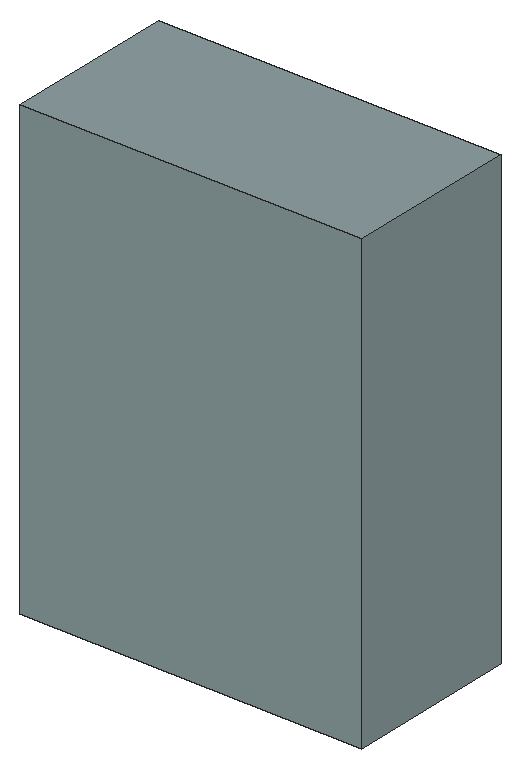
Revit family "242993.11 Sprinklerkontrollboks IQ8Quad", category Electrical Equipment, Revit 2016
Family settings
  Part Type = Other Panel
  Round Connector Dimension = Use Diameter
  OmniClass Number = 23.85.30.21.11
  OmniClass Title = Fire Detection, Monitoring and Alarm
  Work Plane-Based = No
  Always vertical = Yes
  Cut with Voids When Loaded = No
  Shared = No
  Room Calculation Point = No
Parameters (values of type "Sprinklerkontrolboks")
  Type Comments = "-OS"
  NVTypeTekstSynlig = yes
  NVType = "SB"
  NVMonteringTekstSynlig [instance] = no
  NVMontering [instance] = "VEGG"
  NS8360 = "5422_XN5"
  Material = Plastic - Grey
  Manufacturer = "Honeywell"
  Length = 150 mm
  Keynote = "XN5"
  Height = 200 mm
  Depth = 76 mm
  CQ Symbol Positive Direction [instance] = yes
  CQ Symbol Offset Side [instance] = 0 mm
  CQ Symbol Offset Out [instance] = 0 mm
  Assembly Code = "5422"
Reference planes
  plane 1 "Center (Front/Back)": y = 0
  plane 2: z = 0
  plane 3 "Center (Left/Right)": x = 0
  plane 4: x = 75
  plane 5: y = 76
  plane 6: x = -75
  plane 7: z = 100
  plane 8: z = -100
Forms (mm)
  Extrusion 1, solid, material "Plastic - Grey" <- "Material"
    sketch origin (0, 0, 0) x (1, 0, 0) y (0, 0, 1)
      loop
        line (-75, 100) -> (-75, -100) -> (75, -100) -> (75, 100) -> (-75, 100)
    from 0 to -76
Dimensions and locks
  "Depth": plane 1 "Center (Front/Back)" to plane 5
  equal spacing: plane 4, plane 3 "Center (Left/Right)", plane 6
  "Length": plane 4 to plane 6
  "Height": plane 7 to plane 8
  equal spacing: plane 7, level, plane 8
  aligned and locked: level to plane 2
  aligned and locked: Extrusion 1 sketch curve to plane 7
  aligned and locked: plane 6 to Extrusion 1 sketch curve
  aligned and locked: Extrusion 1 sketch curve to plane 4
  aligned and locked: Extrusion 1 to plane 8
  aligned and locked: plane 1 "Center (Front/Back)" to nested 1
  aligned and locked: plane 3 "Center (Left/Right)" to nested 1
Automatic sketch dimensions
  Extrusion 1 sketch curve to level = 100 mm
Nested families
  nested 1: "Sprinklerkontroll Symbol" at (0, 0, 0), type "Type 1"
Connectors
  electrical at (0, 38, 100)
    settings: on Extrusion 1, index 1, voltage 0 V, apparent load 0 VA, apparent load phase1 0 VA, apparent load phase2 0 VA, apparent load phase3 0 VA, power factor 1, load classification "Other", number of poles 1, system type 11, power factor state 1, is connector primary yes, connector utility no, sub classification motor no, connector description ""
Definition of nested family "Sprinklerkontroll Symbol"
  Parameters (values of type "Type 1")
    Type tekst synlig = yes
    Type = "SB"
    Montering tekst synlig = no
    Montering = "VEGG"
    CQ Symbol Positive Direction = yes
    CQ Symbol Negative Direction = not(CQ Symbol Positive Direction)  # no
    CQ Symbol Offset Side = 0 mm
    CQ Symbol Offset Out = 0 mm
  Reference planes
    plane 1: y = 0
    plane 2: x = 0
  Dimensions and locks
    "CQ Symbol Offset Side": nested 2 to plane 2
    "CQ Symbol Offset Side": plane 2 to nested 1
    "CQ Symbol Offset Out": plane 1 to nested 1
    "CQ Symbol Offset Out": plane 1 to nested 2
  Nested families
    nested 1: "Linjedetektor Sub" at (0, 0, 0), visible <- "CQ Symbol Positive Direction", type "Type1"
    nested 2: "Linjedetektor Sub" at (0, 0, 0), visible <- "CQ Symbol Negative Direction", type "Type1"
  Definition of nested family "Linjedetektor Sub"
    Parameters (values of type "Type1")
      Type tekst synlig = yes
      Type = "LD"
      Montering tekst synlig = no
      Montering = "HIM"
    Reference planes
      plane 1: y = 0
      plane 2: x = 0
    Lines and regions (mm)
      detail lines
        curve 1: line (-2.5, 2, 0) -> (2.5, 2, 0)
        curve 2: line (2.5, 2, 0) -> (2.5, 7, 0)
        curve 3: line (2.5, 7, 0) -> (-2.5, 7, 0)
        curve 4: line (-2.5, 7, 0) -> (-2.5, 2, 0)
        curve 5: circle (-1.25, 3, 0) r 0.25 normal (0, 0, 1)
        curve 6: line (-1.25, 3.75, 0) -> (-1, 6, 0)
        curve 7: arc (-1, 6, 0) -> (-1.25, 6.25, 0) -> (-1.5, 6, 0) r 0.25
        curve 8: line (-1.5, 6, 0) -> (-1.25, 3.75, 0)
        curve 9: line (-1.25, 5, 0) -> (-1.25, 6, 0)
        curve 13: line (1.916, 3, 0) -> (0.548, 3, 0)
        curve 14: line (1.948, 5.8, 0) -> (0.489, 5.8, 0)
        curve 15: line (1.948, 5.8, 0) -> (0.548, 3, 0)
        curve 16: line (0.489, 5.8, 0) -> (1.916, 3, 0)
        curve 17: line (1.226, 4.355, 0) -> (-0.142, 4.355, 0)
      detail lines, visible <- "Type tekst synlig"
        curve 10: line (-2.5, 0, 0) -> (2.5, 0, 0)
        curve 11: line (-2.5, 0, 0) -> (-2.5, 2, 0)
        curve 12: line (2.5, 0, 0) -> (2.5, 2, 0)
    Nested families
      nested 1: "txt 1_50" at (3.379, 6.924, 0), visible <- "Montering tekst synlig", Type Name <- "Montering", type "txt"
      nested 2: "txt 1_50" at (-1.901, 0.863, 0), visible <- "Type tekst synlig", Type Name <- "Type", type "txt"
        with Type Name "LD"
    Definition of nested family "txt 1_50"
      Parameters (values of type "txt")
        Type Name [instance] = "HIM"
      Reference planes
        plane 1: y = 0
        plane 2: x = 0
      Text (mm)
        label "TXT" at (1.952, 0, 0), shows "Type Name"
